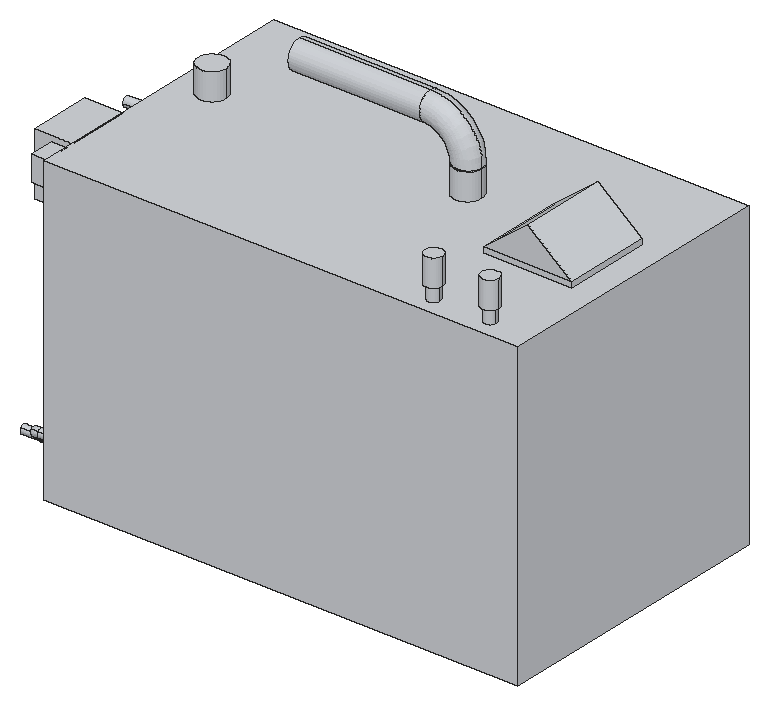
Revit family "AMP_BFIT 2500-3000 Water Heater Dual Fuel 1", category Mechanical Equipment, Revit 2021
Family settings
  Round Connector Dimension = Use Diameter
  Part Type = Normal
  OmniClass Number = 23.75.00.00
  OmniClass Title = Climate Control (HVAC)
  Work Plane-Based = No
  Always vertical = Yes
  Cut with Voids When Loaded = No
  Shared = No
  Room Calculation Point = No
Parameters (values of type "AMP/BFIT 2500-3000 Water Heater Dual Fuel")
  Width = 46"
  Length = 75 5/8"
  Height = 48 3/8"
  Voltage = ""
  Vent = "10\" EZ Vent"
  Manufacturer = "Bryan Steam"  # constant formula
  Hydronic Supply = "4\" Victaulic"
  Hydronic Return = "4\" Victaulic"
  Gas Train (Propane) = "1-1/2\" NPT"
  Gas Train (Natural Gas) = "1-1/2\" NPT"
  Default Elevation = 0"
  Condensate Trap = "1\" Pipe"
  Boiler Drain = "3/4\" NPT"
  Air Supply = "10\""
Reference planes (in)
  plane 1 "Center (Front/Back)": y = 0
  plane 2: z = 0
  plane 3 "Center (Left/Right)": x = 0
  plane 4 "Vent": y = 3.809
  plane 5 "Condensate Trap": y = -18
  plane 6 "Supply 4" Victualic Elbow Style 10": x = 8.415
  plane 7 "3" Supply Manifold": z = 57.75
  plane 8 "3" Supply Elbow Victaulic Style 10": y = 3.809
  plane 9 "Condensate Height": z = 5.75
  plane 10 "Condensate Angle": through (0, -18, 5.75) normal (0, -0.6203, -0.7843)
Forms (in)
  Extrusion 1, solid
    sketch origin (0, 0, 0) x (1, 0, 0) y (0, 1, 0)
      loop
        line (-37.8125, 23) -> (-37.8125, -23) -> (37.8125, -23) -> (37.8125, 23) -> (-37.8125, 23)
    from 0 to 48.375
  Extrusion 2, solid
    sketch origin (0, 0, 48.375) x (1, 0, 0) y (0, 1, 0)
      loop
        line (19.5915, 7) -> (19.5915, -7) -> (33.6875, -7) -> (33.6875, 7) -> (19.5915, 7)
    from 0 to 0.85156
  Extrusion 3, solid
    sketch origin (33.6875, -7, 48.375) x (-1, 0, 0) y (0, 0, -1)
      loop
        line (14.096, -0.85156) -> (0, -0.85156) -> (7.048, -6.57727) -> (14.096, -0.85156)
    from 0 to -14
  Extrusion 4, solid
    sketch origin (0, 0, 48.375) x (1, 0, 0) y (0, 1, 0)
      loop
        circle (-32.3125, 3.75) r 2.25
      loop
        circle (8.4155, 3.75) r 2.25
    from 0 to 4.25
  Extrusion 5, solid
    sketch origin (-37.8125, -23, 0) x (0, 1, 0) y (0, 0, -1)
      loop
        circle (38.875, -11.125) r 4.866
      loop
        circle (38.875, -11.125) r 4.719
    from 0 to 6.375
  Extrusion 6, solid
    sketch origin (-37.8125, -23, 0) x (0, 1, 0) y (0, 0, -1)
      loop
        line (4.72, -48.187) -> (4.72, -44.187) -> (0.72, -44.187) -> (0.72, -48.187) -> (4.72, -48.187)
    from 0 to 2.48047
  Revolve 7, solid
    sketch origin (0, 3.75, 0) x (-1, 0, 0) y (0, 0, 1)
      loop
        line (45.9375, 30.188) -> (45.67425, 35.21111) -> (35.68795, 34.68775) -> (35.9512, 29.66464) -> (45.9375, 30.188)
      axis (35.9512, 29.66464) -> (45.9375, 30.188)
    angle from 0 to 360
  Extrusion 8, solid
    sketch origin (-37.8125, -23, 0) x (0, 1, 0) y (0, 0, -1)
      loop
        circle (26.75, -42.375) r 0.525
      loop
        circle (26.75, -42.375) r 0.412
    from 0 to 5.75
  Sweep 9, solid
    path origin (0, 3.809, 0) x (-1, 0, 0) y (0, 0, 1)
      loop
        line (-8.47964, 52.625) -> (-8.47964, 52.75)
        arc (-8.47964, 52.75) -> (-6.72229, 56.99264) -> (-2.47964, 58.75) r 6
        line (-2.47964, 58.75) -> (18.4375, 58.75)
    profile origin (6.72229, 3.809, 56.99264) x (0.707107, 0, 0.707107) y (0, 1, 0)
      loop
        circle (0, 0) r 2.25
  Extrusion 10, solid
    sketch origin (-37.8125, -23, 0) x (0, 1, 0) y (0, 0, -1)
      loop
        line (15.875, -48.3125) -> (15.875, -38.3125) -> (5.875, -38.3125) -> (5.875, -48.3125) -> (15.875, -48.3125)
    from 0 to 6.125
  Extrusion 11, solid
    sketch origin (0, 0, 48.375) x (1, 0, 0) y (0, 1, 0)
      loop
        circle (21.9375, -19.875) r 0.95
      loop
        circle (30.9375, -19.875) r 0.95
    from 0 to 2.25
  Extrusion 12, solid
    sketch origin (0, 0, 50.625) x (1, 0, 0) y (0, 1, 0)
      loop
        circle (21.9375, -19.875) r 1.375
      loop
        circle (30.938, -19.875) r 1.375
    from 0 to 4.25
  Extrusion 13, solid
    sketch origin (-43.5625, -23, 0) x (0, 1, 0) y (0, 0, -1)
      loop
        circle (26.75, -42.375) r 0.75
    from 0 to 2.375
  Sweep 14, solid
    path origin (0, -10.25516, -0.37529) x (0, -0.784343, 0.620327) y (-1, 0, 0)
      loop
        line (9.8749, 37.8125) -> (9.8749, 42.25)
        arc (9.8749, 42.25) -> (9.43556, 43.31066) -> (8.3749, 43.75) r 1.5
        line (8.3749, 43.75) -> (5.4999, 43.75)
        arc (5.4999, 43.75) -> (4.43924, 44.18934) -> (3.9999, 45.25) r 1.5
        line (3.9999, 45.25) -> (3.9999, 48.6875)
    profile origin (-40.03125, -18.00048, 5.75038) x (0, 0.784343, -0.620327) y (0, -0.620327, -0.784343)
      loop
        circle (0, 0) r 0.6575
  Extrusion 15, solid
    sketch origin (-37.8125, -23, 0) x (0, 1, 0) y (0, 0, -1)
      loop
        line (44.6875, -16.9375) -> (44.6875, -5.3125) -> (33.0625, -5.3125) -> (33.0625, -16.9375) -> (44.6875, -16.9375)
    from 0 to 4.75
Lines and regions (in)
  model lines
    curve 1: circle (8.42114, 3.82669, 52.625) r 2 normal (0, 0, 1)
Dimensions and locks (in)
  "Height": Extrusion 1 to level
  equal spacing: Extrusion 1 sketch curve, plane 3 "Center (Left/Right)", Extrusion 1 sketch curve
  "Length": Extrusion 1 sketch curve to Extrusion 1 sketch curve
  equal spacing: Extrusion 1 sketch curve, plane 1 "Center (Front/Back)", Extrusion 1 sketch curve
  "Width": Extrusion 1 sketch curve to Extrusion 1 sketch curve
  locked: Extrusion 2 sketch curve to Extrusion 1 at 4.125
  locked: Extrusion 2 sketch curve to Extrusion 2 sketch curve at 14.096
  locked: Extrusion 2 sketch curve to Extrusion 2 sketch curve at 14
  locked: Extrusion 2 sketch curve to Extrusion 1 at 16
  locked: Extrusion 1 to Extrusion 4 sketch curve at 19.25  (x2)
  locked: Extrusion 1 to Extrusion 5 sketch curve at 11.125
  Extrusion 1 to Extrusion 5 sketch curve = 7 1/8"
  level to plane 7 "3" Supply Manifold" = 57 3/4"
  locked: plane 3 "Center (Left/Right)" to plane 6 "Supply 4" Victualic Elbow Style 10" at 8.415
  locked: plane 8 "3" Supply Elbow Victaulic Style 10" to plane 1 "Center (Front/Back)" at 3.809
  locked: plane 4 "Vent" to plane 1 "Center (Front/Back)" at 3.809
  locked: plane 5 "Condensate Trap" to plane 1 "Center (Front/Back)" at 18
  locked: Extrusion 6 sketch curve to Extrusion 6 sketch curve at 4  (x2)
  Extrusion 5 sketch curve to Extrusion 5 sketch curve = 0"  (x2)
  locked: Revolve 7 sketch curve to Revolve 7 sketch curve at 5.03
  Extrusion 1 to Extrusion 8 sketch curve = 42 3/8"
  equal spacing: Extrusion 1, Extrusion 8 sketch curve, Extrusion 8 sketch curve  (x2)
  locked: Extrusion 1 to Extrusion 8 sketch curve at 19.25
  locked: Extrusion 1 to Extrusion 4 sketch curve at 5.5
  locked: Extrusion 4 sketch curve to Extrusion 1 at 29.397
  locked: Extrusion 1 to Sweep 9 sketch curve at 19.375
  locked: Extrusion 1 to Sweep 9 sketch curve at 10.375
  locked: Extrusion 10 sketch curve to Extrusion 10 sketch curve at 10  (x2)
  locked: Extrusion 10 sketch curve to Extrusion 1 at 5.875
  locked: Extrusion 10 sketch curve to Extrusion 1 at 0.0625
  locked: Extrusion 1 to Extrusion 11 sketch curve at 3.125  (x2)
  locked: Extrusion 11 sketch curve to Extrusion 1 at 15.875
  locked: Extrusion 1 to Extrusion 12 sketch curve at 3.125  (x2)
  locked: Extrusion 12 sketch curve to Extrusion 1 at 15.875
  locked: Extrusion 1 to Extrusion 13 sketch curve at 6
  locked: Extrusion 1 to Extrusion 13 sketch curve at 19.25
  locked: Extrusion 11 sketch curve to Extrusion 1 at 6.875
  locked: Extrusion 12 sketch curve to Extrusion 1 at 6.8745
  locked: plane 9 "Condensate Height" to level at 5.75
  locked: Sweep 14 sketch curve to Extrusion 1 at 10.875
  locked: Sweep 14 sketch curve to Extrusion 1 at 5.9375
  locked: Sweep 14 sketch curve to Sweep 14 sketch curve at 5.875
  locked: Extrusion 15 sketch curve to Extrusion 15 sketch curve at 11.625  (x2)
  locked: Extrusion 1 to Extrusion 15 sketch curve at 1.3125
  locked: Extrusion 15 sketch curve to Extrusion 1 at 5.3125
  diameter of Extrusion 11 sketch curve = 1.9"  (x2)
  diameter of Extrusion 12 sketch curve = 2 3/4"  (x2)
  diameter of Extrusion 13 sketch curve = 1 1/2"
  diameter of Sweep 9 sketch curve = 12"
  diameter of Sweep 14 sketch curve = 1.315"
  locked: plane 9 "Condensate Height" to plane 10 "Condensate Angle" (angle 38.34°)
  aligned and locked: level to plane 2
Automatic sketch dimensions
  Extrusion 3 sketch curve to Extrusion 2 = 0"  (x3)
  Extrusion 3 sketch curve to Extrusion 2 = 7.048"
  Extrusion 3 sketch curve to Extrusion 2 = 5.72571"
  Extrusion 5 sketch curve to Extrusion 5 sketch curve = 0"  (x2)
  Revolve 7 sketch curve to Revolve 7 sketch curve = 5.32404"
  Revolve 7 sketch curve to Revolve 7 sketch curve = 0"  (x2)
  Extrusion 1 to Extrusion 6 sketch curve = 0.188"
  Extrusion 6 sketch curve to Extrusion 1 = 0.72"
  Revolve 7 sketch curve to plane 3 "Center (Left/Right)" = 35.68795"
  Revolve 7 sketch curve to plane 7 "3" Supply Manifold" = 28.08536"
  Revolve 7 sketch curve to Revolve 7 sketch curve = 0.26325"
  Revolve 7 sketch curve to plane 7 "3" Supply Manifold" = 22.53889"
  Extrusion 8 sketch curve to Extrusion 8 sketch curve = 0"  (x2)
  Sweep 9 sketch curve to plane 8 "3" Supply Elbow Victaulic Style 10" = 0"
  Sweep 9 sketch curve to profile plane = 0"
  plane 3 "Center (Left/Right)" to Sweep 9 sketch curve = 2.47964"
  Sweep 9 sketch curve to Sweep 9 sketch curve = 1/8"
  Sweep 14 sketch curve to plane 3 "Center (Left/Right)" = 45 1/4"
  Sweep 14 sketch curve to Sweep 14 sketch curve = 1 1/2"
  Sweep 14 sketch curve to Sweep 14 sketch curve = 4 7/16"
  plane 10 "Condensate Angle" to Sweep 14 sketch curve = 0"
  Sweep 14 sketch curve to profile plane = 0"
  radius of Extrusion 5 sketch curve = 4.866"
  radius of Extrusion 5 sketch curve = 4.719"
  radius of Extrusion 8 sketch curve = 0.412"
  radius of Extrusion 8 sketch curve = 0.525"
  radius of Extrusion 4 sketch curve = 2 1/4"  (x2)
  radius of curve 1 = 2"
  radius of Sweep 9 sketch curve = 2 1/4"
Connectors (in)
  piping at (-32.3125, 3.75, 52.625), diameter 4
    settings: on Extrusion 4, index 2, connector inside diameter 24", connector length 0", flow factor 0, pipe flow 0 GPM, pressure drop 0.00 psi, fitting loss kfactor 0, connector angle 0.00°, fixture units 0, engagement length 0", angle of deflection 0.00°, flow configuration 0, flow direction 1, fitting loss method 0, system type 8, joint type 0, gender type 0, connector reference index -1, connector utility 0, adjustable connector no, is connector primary yes, connector description ""
  piping at (-44.1875, 15.875, 11.125), diameter 10
    settings: on Extrusion 5, index 4, connector inside diameter 24", connector length 0", flow factor 0, pipe flow 0 GPM, pressure drop 0.00 psi, fitting loss kfactor 0, connector angle 0.00°, fixture units 0, engagement length 0", angle of deflection 0.00°, flow configuration 0, flow direction 1, fitting loss method 0, system type 22, joint type 0, gender type 0, connector reference index -1, connector utility 0, adjustable connector no, is connector primary no, connector description ""
  piping at (-18.4375, 3.809, 58.75), diameter 4
    settings: on Sweep 9, index 7, connector inside diameter 24", connector length 0", flow factor 0, pipe flow 0 GPM, pressure drop 0.00 psi, fitting loss kfactor 0, connector angle 0.00°, fixture units 0, engagement length 0", angle of deflection 0.00°, flow configuration 0, flow direction 2, fitting loss method 0, system type 7, joint type 0, gender type 0, connector reference index -1, connector utility 0, adjustable connector no, is connector primary no, connector description ""
  piping at (-45.9375, 3.75, 30.188), diameter 10
    settings: on Revolve 7, index 9, connector inside diameter 24", connector length 0", flow factor 0, pipe flow 0 GPM, pressure drop 0.00 psi, fitting loss kfactor 0, connector angle 0.00°, fixture units 0, engagement length 0", angle of deflection 0.00°, flow configuration 0, flow direction 2, fitting loss method 0, system type 17, joint type 0, gender type 0, connector reference index -1, connector utility 0, adjustable connector no, is connector primary no, connector description ""
  piping at (21.9375, -19.875, 54.875), diameter 1.5
    settings: on Extrusion 12, index 10, connector inside diameter 24", connector length 0", flow factor 0, pipe flow 0 GPM, pressure drop 0.00 psi, fitting loss kfactor 0, connector angle 0.00°, fixture units 0, engagement length 0", angle of deflection 0.00°, flow configuration 0, flow direction 1, fitting loss method 0, system type 22, joint type 0, gender type 0, connector reference index -1, connector utility 0, adjustable connector no, is connector primary no, connector description ""
  piping at (-45.9375, 3.75, 42.375), diameter 0.75
    settings: on Extrusion 13, index 11, connector inside diameter 24", connector length 0", flow factor 0, pipe flow 0 GPM, pressure drop 0.00 psi, fitting loss kfactor 0, connector angle 0.00°, fixture units 0, engagement length 0", angle of deflection 0.00°, flow configuration 0, flow direction 2, fitting loss method 0, system type 22, joint type 0, gender type 0, connector reference index -1, connector utility 0, adjustable connector no, is connector primary no, connector description ""
  piping at (30.938, -19.875, 54.875), diameter 1.5
    settings: on Extrusion 12, index 12, connector inside diameter 24", connector length 0", flow factor 0, pipe flow 0 GPM, pressure drop 0.00 psi, fitting loss kfactor 0, connector angle 0.00°, fixture units 0, engagement length 0", angle of deflection 0.00°, flow configuration 0, flow direction 1, fitting loss method 0, system type 22, joint type 0, gender type 0, connector reference index -1, connector utility 0, adjustable connector no, is connector primary no, connector description ""
  piping at (-48.6875, -13.39246, 2.10596), diameter 1
    settings: on Sweep 14, index 13, connector inside diameter 24", connector length 0", flow factor 0, pipe flow 0 GPM, pressure drop 0.00 psi, fitting loss kfactor 0, connector angle 0.00°, fixture units 0, engagement length 0", angle of deflection 0.00°, flow configuration 0, flow direction 2, fitting loss method 0, system type 22, joint type 0, gender type 0, connector reference index -1, connector utility 0, adjustable connector no, is connector primary no, connector description ""
